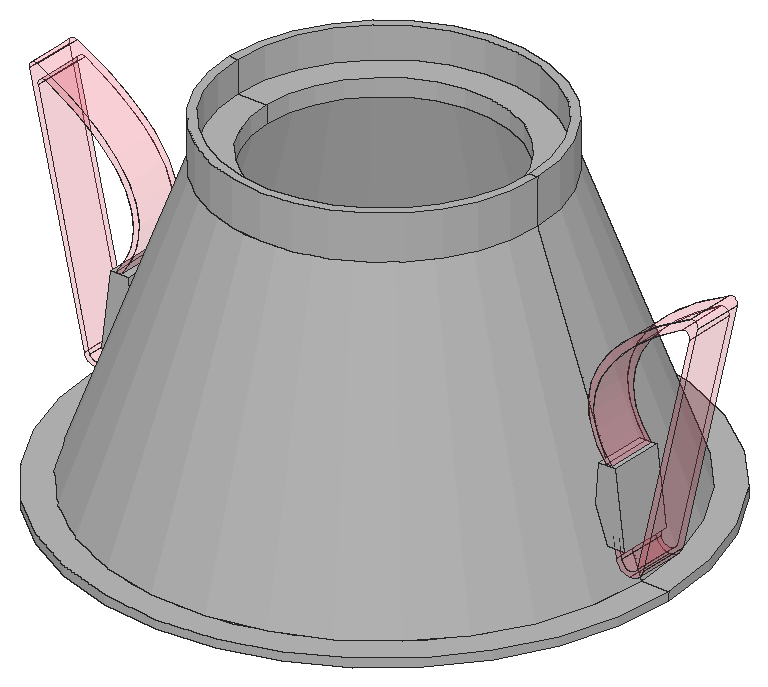
Revit family "LAMP_MOODY RFL. ROUND 100 FIX", category Modelos genéricos, Revit 2015
Parameters (values of type "COPPER FINISH")
  Weight = 0.036 kg
  Recessed diameter = 95 mm
  Product datasheet = "https://www.lamp.es/product-files/TECH/MORFRD100FXC-EN.pdf"
  Product code = "MORFRD100FXC"
  Product URL = "https://www.lamp.es/en/family/moody_33323"
  Modelo = Product code  # "MORFRD100FXC"
  Material Reflector = LAMP_PC Reflector Moody CO
  Material Muelle Emp. = LAMP_Acero genérico
  Manufacturer name = "LAMP"
  Manufacturer country = "Spain"
  Manufacturer URL = "http://www.lamp.es/en"
  Last update = "29/08/2019"
  Installation instructions = ""
  Finish = "Metalized matt copper"
  Fabricante = Manufacturer name  # "LAMP"
  Diameter = 100 mm
  Descripción = "MOODY ACC. RFL. ROUND 100 FIX CO."
  Accessory Type = "Assembly"
Types (4, lengths in mm): name | Product datasheet | Product code | Modelo | Material Reflector | Finish | Descripción
  COPPER FINISH | "https://www.lamp.es/product-files/TECH/MORFRD100FXC-EN.pdf" | "MORFRD100FXC" | "MORFRD100FXC" | LAMP_PC Reflector Moody CO | "Metalized matt copper" | "MOODY ACC. RFL. ROUND 100 FIX CO."
  WHITE FINISH | "https://www.lamp.es/product-files/TECH/MORFRD100FXW-EN.pdf" | "MORFRD100FXW" | "MORFRD100FXW" | LAMP_PC Reflector Moody BL | "Matt white" | "MOODY ACC. RFL. ROUND 100 FIX WH."
  SILVER FINISH | "https://www.lamp.es/product-files/TECH/MORFRD100FXM-EN.pdf" | "MORFRD100FXM" | "MORFRD100FXM" | LAMP_PC Reflector Moody GR | "Metalized matt silver" | "MOODY ACC. RFL. ROUND 100 FIX MET."
  BLACK FINISH | "https://www.lamp.es/product-files/TECH/MORFRD100FXB-EN.pdf" | "MORFRD100FXB" | "MORFRD100FXB" | LAMP_PC Reflector Moody NG | "Matt black" | "MOODY ACC. RFL. ROUND 100 FIX BK."
Reference planes
  plane 1 "Centro (Frontal/Posterior)": y = 0
  plane 2: z = 0
  plane 3 "Centro (Izquierda/Derecha)": x = 0
  plane 4 "Techo": z = 4000
Forms (mm)
  Revolve 1, solid, material "LAMP_PC Reflector Moody CO" <- "Material Reflector"
    sketch origin (0, 0, 261.5) x (1, 0, 0) y (0, 0, 1)
      loop
        line (-49.5, 3737) -> (-43.7, 3737) -> (-25.4, 3786.715) -> (-20.4, 3786.715) -> (-20.4, 3789.672) -> (-25.4, 3789.672) -> (-25.4, 3795) -> (-26.8, 3795) -> (-26.8, 3787.4) -> (-44.8, 3738.5) -> (-49.5, 3738.5) -> (-49.5, 3737)
      axis (0, 3737) -> (0, 3795)
    angle from 0 to 360
  Extrusion 2, solid, material "LAMP_PC Reflector Moody CO" <- "Material Reflector"
    sketch origin (0, 0, 261.5) x (1, 0, 0) y (0, 0, 1)
      loop
        line (-42.407, 3745) -> (-40.284, 3750.769) -> (-40.873, 3757.5) -> (-43.873, 3757.5) -> (-45.407, 3745) -> (-42.407, 3745)
    from 4.4 to -4.4
  Extrusion 3, solid, material "LAMP_PC Reflector Moody CO" <- "Material Reflector"
    sketch origin (0, 0, 261.5) x (-1, 0, 0) y (0, 0, -1)
      loop
        line (-42.407, -3745) -> (-45.407, -3745) -> (-43.873, -3757.5) -> (-40.873, -3757.5) -> (-40.284, -3750.769) -> (-42.407, -3745)
    from 4.4 to -4.4
  Extrusion 4, solid, material "LAMP_Acero genérico" <- "Material Muelle Emp."
    sketch origin (0, 0, 261.5) x (1, 0, 0) y (0, 0, 1)
      loop
        line (-43.449, 3746.955) -> (-44.442, 3747.077) -> (-44.86, 3743.673)
        arc (-44.86, 3743.673) -> (-46.011, 3742.395) -> (-47.607, 3743.039) r 1.5
        line (-47.607, 3743.039) -> (-56.587, 3781.935)
        arc (-56.587, 3781.935) -> (-56.25, 3782.912) -> (-55.225, 3783.038) r 0.975
        spline (-55.225, 3783.038) -> (-51.331, 3780.738) -> (-48.069, 3778.431) -> (-45.409, 3776.129) -> (-43.316, 3773.842) -> (-41.759, 3771.583) -> (-40.706, 3769.362) -> (-40.125, 3767.192) -> (-39.983, 3765.084) -> (-40.248, 3763.049) -> (-40.888, 3761.099) -> (-41.87, 3759.246) -> (-43.162, 3757.5)
        line (-43.162, 3757.5) -> (-42.155, 3757.5)
        spline (-42.155, 3757.5) -> (-40.805, 3759.492) -> (-39.803, 3761.59) -> (-39.185, 3763.778) -> (-38.986, 3766.043) -> (-39.241, 3768.371) -> (-39.985, 3770.746) -> (-41.254, 3773.156) -> (-43.082, 3775.585) -> (-45.504, 3778.019) -> (-48.557, 3780.445) -> (-52.274, 3782.848) -> (-56.692, 3785.214)
        arc (-56.692, 3785.214) -> (-57.717, 3785.088) -> (-58.053, 3784.112) r 0.975
        line (-58.053, 3784.112) -> (-48.597, 3743.153)
        arc (-48.597, 3743.153) -> (-47.735, 3741.824) -> (-46.22, 3741.36) r 2.317
        arc (-46.22, 3741.36) -> (-44.644, 3742.027) -> (-43.867, 3743.552) r 2.5
        line (-43.867, 3743.552) -> (-43.449, 3746.955)
    from 4.3 to -4.3
  Extrusion 5, solid, material "LAMP_Acero genérico" <- "Material Muelle Emp."
    sketch origin (0, 0, 261.5) x (-1, 0, 0) y (0, 0, -1)
      loop
        line (-43.449, -3746.955) -> (-43.867, -3743.552)
        arc (-43.867, -3743.552) -> (-44.644, -3742.027) -> (-46.22, -3741.36) r 2.5
        arc (-46.22, -3741.36) -> (-47.735, -3741.824) -> (-48.597, -3743.153) r 2.317
        line (-48.597, -3743.153) -> (-58.053, -3784.112)
        arc (-58.053, -3784.112) -> (-57.717, -3785.088) -> (-56.692, -3785.214) r 0.975
        spline (-56.692, -3785.214) -> (-52.274, -3782.848) -> (-48.557, -3780.445) -> (-45.504, -3778.019) -> (-43.082, -3775.585) -> (-41.254, -3773.156) -> (-39.985, -3770.746) -> (-39.241, -3768.371) -> (-38.986, -3766.043) -> (-39.185, -3763.778) -> (-39.803, -3761.59) -> (-40.805, -3759.492) -> (-42.155, -3757.5)
        line (-42.155, -3757.5) -> (-43.162, -3757.5)
        spline (-43.162, -3757.5) -> (-41.87, -3759.246) -> (-40.888, -3761.099) -> (-40.248, -3763.049) -> (-39.983, -3765.084) -> (-40.125, -3767.192) -> (-40.706, -3769.362) -> (-41.759, -3771.583) -> (-43.316, -3773.842) -> (-45.409, -3776.129) -> (-48.069, -3778.431) -> (-51.331, -3780.738) -> (-55.225, -3783.038)
        arc (-55.225, -3783.038) -> (-56.25, -3782.912) -> (-56.587, -3781.935) r 0.975
        line (-56.587, -3781.935) -> (-47.607, -3743.039)
        arc (-47.607, -3743.039) -> (-46.011, -3742.395) -> (-44.86, -3743.673) r 1.5
        line (-44.86, -3743.673) -> (-44.442, -3747.077) -> (-43.449, -3746.955)
    from 4.3 to -4.3
Text (mm)
  text "Any modification of the parameters and properties of the LAMP BIM models must be executed and validated by the LAMP technical department.\n\nPhone: +34 93 736 68 00\n\nE-mail: lamp@lamp.es\n\n\n\nLAMP reserves the right to modify the technical specifications of its products." at (33202.523, -81795.747, 28817.955), in view "Preview"
Dimensions and locks
  equal spacing: host sketch curve, plane 3 "Centro (Izquierda/Derecha)", host sketch curve
  equal spacing: host sketch curve, plane 1 "Centro (Frontal/Posterior)", host sketch curve
  host sketch curve to host sketch curve = 4000 mm  (x2)
  plane 4 "Techo" to host ceiling = 0 mm
